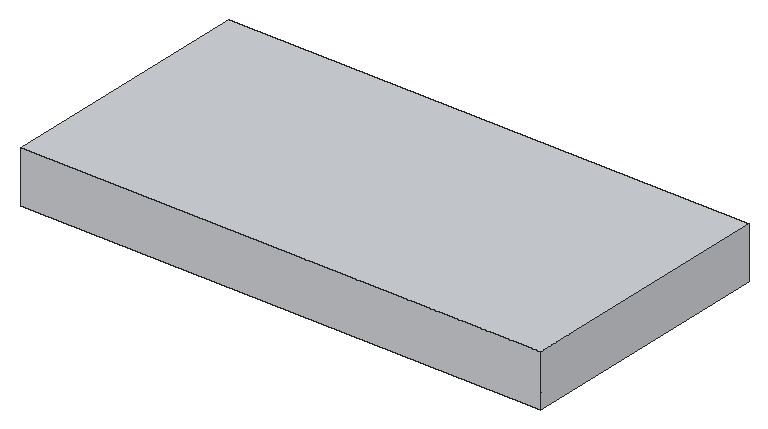
Revit family "BIM_ST_Scaff_SoleBoard_Shared", category Generic Models, Revit 2022
Family settings
  Can host rebar = No
  Round Connector Dimension = Use Diameter
  Part Type = Normal
  Work Plane-Based = No
  Always vertical = Yes
  Cut with Voids When Loaded = No
  Maintain Annotation Orientation = No
  Shared = Yes
  Room Calculation Point = No
Parameters
  Default Elevation = 0 mm
Reference planes
  plane 1 "Center (Front/Back)": y = 0
  plane 2: z = 0
  plane 3 "Center (Left/Right)": x = 0
Forms (mm)
  Extrusion 1, solid
    sketch origin (0, 0, 0) x (1, 0, 0) y (0, 1, 0)
      loop
        line (-200, -100) -> (200, -100) -> (200, 100) -> (-200, 100) -> (-200, -100)
    from 0 to 40
Dimensions and locks
  aligned and locked: level to plane 2
